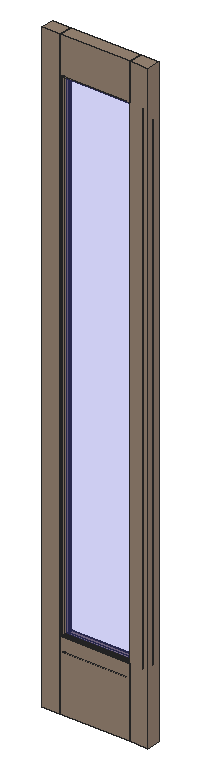
Revit family "Window-Exterior-Simpson-French-Sidelight", category Windows, host Wall, Revit 2012
Parameters (values of type "SEE CATALOG")
  Wood Species Note = "Available in Any Wood Species"
  Wood Species = "http://simpsondoor.com/e-catalog/#10"
  Window Type = French-Full-Sidelight : Panel
  Window Height = 48 1/4"
  WaterBarrier with UltraBlock Technology = no
  WaterBarrier Note = "This Door Comes with The Option of WaterBarrier with UltraBlock Technology. It is Turn Off as a Default"
  Upper Muntin Offset = 6 1/8"
  UltraBlock Option = yes
  UltraBlock Note = "This Door Comes with The Option of UltraBlock Technology. It is Turn On as a Default"
  URL = "http://www.simpsondoor.com/"
  Top Rail Height = 4 15/16"
  Top Panel = Glass - Simpson Doors - Clear
  Thickness = 1 3/4"
  Rough Width = 0"
  Rough Height = 0"
  Product Page URL = "http://www.simpsondoor.com/door-products/search/results/?seriesID=30"
  Product Documentation Link = "http://www.simpsondoor.com/door-products/search/detail/?BaseSpecificationID=603"
  Panel Stile Width = 2 13/32"
  Panel = Wood - Simpson Doors - Douglas Fir
  Ovolo Construction = yes
  Number of Horizontal Muntins = 0
  Muntin Width = 1 3/4"
  Model = "7701"
  Middle Rail Height = 2 3/4"
  Manufacturer = "Simpson Door Company"  # constant formula
  Innerbond Double Hip-Raised Panel = no
  Horizontal Outside Upper = no
  Horizontal Outside Lower = no
  Height = 80 1/2"
  Glass Thickness = 3/4"
  Glass Options = "http://simpsondoor.com/e-catalog/#12"
  Glass = Glass - Simpson Doors - Clear
  Exterior Setback [instance] = 1"
  Description = "Exterior French - One Lite - Sidelight"
  Default Sill Height = 0"  # constant formula
  Wall Closure = (empty or 0)
  Width = 14"
  Construction Type = ""
  Bottom Rail Height = 9 3/16"
  Bottom Panel Height = 15 3/8"
  Assembly Code = "B2020100"
Values of the unnamed type that differ from the named types
  Wall Closure = By host
Reference planes (in)
  plane 1 "Center (Front/Back)": y = 0
  plane 2: z = 0
  plane 3 "Center (Left/Right)": x = 0
  plane 4 "Left": x = -7
  plane 5 "Right": x = 7
  plane 6 "Sill": z = 0
  plane 7 "Top": z = 80.5
  plane 8: y = 2
Lines and regions (in)
  Opening 1
    outline origin (-60, -3, 0) x (1, 0, 0) y (0, 0, 1)
      loop
        line (53, 80.5) -> (53, 0) -> (67, 0) -> (67, 80.5) -> (53, 80.5)
Text (in)
  text "EXTERIOR" at (-58.6888, 50.90694, 0), in view "Ref. Level"
  text "INTERIOR" at (-58.6888, -37.76638, 0), in view "Ref. Level"
  text "Exterior" at (0, 43.65631, 123.19604), in view "Left"
  text "Exterior" at (0, 18.29385, 125.04747), in view "Right"
Dimensions and locks (in)
  equal spacing: plane 4 "Left", plane 3 "Center (Left/Right)", plane 5 "Right"
  "Width": plane 4 "Left" to plane 5 "Right"
  "Height": plane 6 "Sill" to plane 7 "Top"
  "Default Sill Height": plane 2 to plane 6 "Sill"
  "Exterior Setback": host wall to plane 8
  aligned and locked: plane 7 "Top" to Opening 1 sketch curve
  aligned and locked: plane 6 "Sill" to Opening 1 sketch curve  (x2)
  aligned and locked: plane 5 "Right" to Opening 1 sketch curve
  aligned and locked: plane 4 "Left" to Opening 1 sketch curve
  aligned and locked: level to plane 2
  aligned and locked: plane 3 "Center (Left/Right)" to nested 1
  aligned and locked: nested 1 to plane 6 "Sill"
Nested families (in)
  nested 1: "French-Full-Sidelight" at (0.0625, 1.125, 0), type <- "Window Type", type "Panel"
    with Upper Muntin Offset 6 1/8", Horizontal Outside Upper no, Horizontal Outside Lower no, Actual Number of Horizontal Muntins 2, # of Horizontal Muntins 0
Definition of nested family "French-Full-Sidelight"
  Parameters (values of type "Panel")
    Width = 14"
    Upper Muntin Offset = 11 7/8"
    Middle Rail = 2 3/4"
    Window Height = 66 3/8"
    Thickness = 1 3/4"
    Panel Width = Width - (Panel Stile Width * 2)  # 9 3/16"
    Panel Thickness = 3/4"
    Top Rail Height = 4 15/16"
    Shaker = not(Ovolo)  # no
    Panel Stile Width = 2 13/32"
    Muntin Width = 1 3/4"
    Horizontal Outside Upper = yes
    Horizontal Outside Lower = yes
    Height = 80 1/2"
    Door Panel Material = Wood - Simpson Doors - Douglas Fir
    Ovolo = yes
    Glass Material = Glass - Simpson Doors - Clear
    Construction Type = ""
    Calculated Window Height = Height - Top Rail Height - Bottom Rail Height  # 66 3/8"
    Bottom Rail Height = 9 3/16"
    Actual Number of Horizontal Muntins = # of Horizontal Muntins + 2  # 3
    # of Horizontal Muntins = 1
  Reference planes (in)
    plane 1 "Center (Front/Back)": y = 0
    plane 2 "Bottom": z = 0
    plane 3 "Center (Left/Right)": x = -0.0625
    plane 4 "Left": x = -7.0625
    plane 5: y = 0.875
    plane 6 "Right": x = 6.9375
    plane 7: y = -0.875
    plane 8 "Top": z = 80.5
    plane 9: x = 4.53125
    plane 10: x = -4.65625
    plane 11: z = 75.5625
    plane 12: y = -0.375
    plane 13: y = 0.375
    plane 14: z = 9.1875
    plane 15: z = 42.375
    plane 16: z = 63.6875
    plane 17: x = -5.78125
    plane 18: x = -2.53125
    plane 19: x = 5.65625
    plane 20: x = 2.40625
    plane 21: z = 7.4375
    plane 22: z = 3.4375
    plane 23: z = 77.3125
    plane 24: z = 15.3125
  Forms (in)
    Extrusion 1, solid, material "Wood - Simpson Doors - Douglas Fir" <- "Door Panel Material"
      sketch origin (0, 0, 0) x (1, 0, 0) y (0, 0, 1)
        loop
          line (-7.0625, 80.5) -> (-7.0625, 0) -> (-4.65625, 0) -> (-4.65625, 80.5) -> (-7.0625, 80.5)
        loop
          line (6.9375, 80.5) -> (4.53125, 80.5) -> (4.53125, 0) -> (6.9375, 0) -> (6.9375, 80.5)
      from -0.875 to 0.875
    Extrusion 2, solid, material "Glass - Simpson Doors - Clear" <- "Glass Material"
      sketch origin (0, -0.875, 0) x (1, 0, 0) y (0, 0, 1)
        loop
          line (-4.65625, 75.5625) -> (-4.65625, 9.1875) -> (4.53125, 9.1875) -> (4.53125, 75.5625) -> (-4.65625, 75.5625)
      from -1.25 to -0.5
    Extrusion 3, solid, material "Wood - Simpson Doors - Douglas Fir" <- "Door Panel Material"
      sketch origin (0, 0, 0) x (1, 0, 0) y (0, 0, 1)
        loop
          line (-4.65625, 80.5) -> (-4.65625, 75.5625) -> (4.53125, 75.5625) -> (4.53125, 80.5) -> (-4.65625, 80.5)
        loop
          line (-4.65625, 0) -> (4.53125, 0) -> (4.53125, 9.1875) -> (-4.65625, 9.1875) -> (-4.65625, 0)
      from -0.875 to 0.875
  Lines and regions (in)
    Masking region 1
      outline origin (0, 0, 0) x (1, 0, 0) y (0, 1, 0)
        loop
          line (-7.0625, 0.875) -> (-7.0625, -0.875) -> (6.9375, -0.875) -> (6.9375, 0.875) -> (-7.0625, 0.875)
    symbolic lines
      curve 1: line (-4.65625, 0.875, 0) -> (-4.65625, -0.875, 0)
      curve 2: line (4.53125, 0.875, 0) -> (4.53125, -0.875, 0)
    symbolic lines, detail levels coarse
      curve 3: line (-4.65625, 0, 0) -> (4.53125, 0, 0)
    symbolic lines, detail levels medium+fine
      curve 4: line (-4.65625, 0.375, 0) -> (4.53125, 0.375, 0)
      curve 5: line (-4.65625, -0.375, 0) -> (4.53125, -0.375, 0)
  Dimensions and locks (in)
    equal spacing: plane 5, plane 1 "Center (Front/Back)", plane 7
    "Thickness": plane 5 to plane 7
    "Height": plane 8 "Top" to level
    "Top Rail Height": plane 8 "Top" to plane 11
    equal spacing: plane 13, plane 1 "Center (Front/Back)", plane 12
    "Panel Thickness": plane 13 to plane 12
    "Bottom Rail Height": plane 14 to plane 2 "Bottom"
    equal spacing: plane 6 "Right", plane 3 "Center (Left/Right)", plane 4 "Left"
    "Width": plane 6 "Right" to plane 4 "Left"
    equal spacing: plane 9, plane 3 "Center (Left/Right)", plane 10
    "Panel Stile Width": plane 10 to plane 4 "Left"
    equal spacing: plane 11, plane 15, plane 14
    "Upper Muntin Offset": plane 11 to plane 16
    equal spacing: group 1, group 3, group 2  (x2)
    equal spacing: group 2, group 3, group 1
    plane 18 to plane 10 to plane 17 = 2 1/8" locked, 1 1/8" locked
    plane 20 to plane 9 to plane 19 = 2 1/8" locked, 1 1/8" locked
    plane 14 to plane 21 to plane 22 = 1 3/4" locked, 4" locked
    locked: plane 23 to plane 11 at 1.75
    locked: plane 24 to plane 14 at 6.125
    level to Extrusion 3 = 80 1/2"
    aligned and locked: plane 2 "Bottom" to level
    aligned and locked: Extrusion 1 sketch curve to plane 4 "Left"
    aligned and locked: Extrusion 1 sketch curve to plane 6 "Right"
    aligned and locked: Extrusion 1 sketch curve to level  (x2)
    aligned and locked: Extrusion 1 sketch curve to plane 8 "Top"  (x2)
    aligned and locked: plane 5 to Extrusion 1
    aligned and locked: Extrusion 1 to plane 7
    aligned and locked: Extrusion 1 to plane 9
    aligned and locked: Extrusion 2 sketch curve to plane 11
    aligned and locked: Extrusion 2 sketch curve to plane 9
    aligned and locked: Extrusion 2 sketch curve to plane 10
    aligned and locked: Extrusion 2 to plane 13
    aligned and locked: Extrusion 2 to plane 12
    aligned and locked: nested 1 to plane 15
    aligned and locked: plane 10 to nested 1
    aligned and locked: nested 2 to plane 15
    aligned and locked: nested 2 to plane 9
    aligned and locked: plane 3 "Center (Left/Right)" to nested 3
    aligned and locked: plane 16 to nested 3
    aligned and locked: nested 4 to plane 11
    aligned and locked: plane 3 "Center (Left/Right)" to nested 4
    aligned and locked: plane 3 "Center (Left/Right)" to nested 5
    aligned and locked: nested 6 to plane 24
    aligned and locked: Masking region 1 sketch curve to plane 4 "Left"
    aligned and locked: Masking region 1 sketch curve to plane 5
    aligned and locked: Masking region 1 sketch curve to plane 7
    aligned and locked: Masking region 1 sketch curve to plane 6 "Right"
    aligned and locked: plane 5 to curve 1
    aligned and locked: plane 10 to Extrusion 1
    aligned and locked: curve 2 to plane 9
    aligned and locked: Masking region 1 to plane 7
    aligned and locked: curve 5 to plane 12
    aligned and locked: plane 13 to curve 4
    aligned and locked: plane 9 to curve 4
    aligned and locked: plane 10 to curve 3
    aligned and locked: plane 5 to curve 2
    aligned and locked: plane 7 to curve 2
    aligned and locked: plane 7 to curve 1
    aligned and locked: curve 1 to plane 10
    aligned and locked: plane 1 "Center (Front/Back)" to curve 3
    aligned and locked: plane 14 to nested 5
    aligned and locked: Extrusion 2 to plane 14
    aligned and locked: Extrusion 3 sketch curve to plane 8 "Top"
    aligned and locked: Extrusion 3 sketch curve to plane 11
    aligned and locked: Extrusion 3 sketch curve to plane 10  (x2)
    aligned and locked: Extrusion 3 sketch curve to plane 9  (x2)
    aligned and locked: Extrusion 3 sketch curve to level
    aligned and locked: plane 5 to Extrusion 3
    aligned and locked: Extrusion 3 to plane 7
    aligned and locked: Extrusion 3 sketch curve to plane 14
  Automatic sketch dimensions
    Extrusion 1 sketch curve to plane 10 = 0"
    Extrusion 1 sketch curve to plane 9 = 0"
    Extrusion 2 sketch curve to Extrusion 1 = 9 3/16"
  Nested families (in)
    nested 1: "Muntin" at (-5.53125, -0.375, 42.375) x (1, 0, 0) z (0, -1, 0), type "Vertical"
      with Muntin Length 66 3/8"
    nested 2: "Muntin" at (5.40625, -0.375, 42.375) x (1, 0, 0) z (0, -1, 0), type "Vertical"
      with Muntin Length 66 3/8"
    nested 3: "Muntin" at (-0.0625, -0.375, 63.6875) x (0, 0, 1) z (0, -1, 0), visible <- "Horizontal Outside Upper", type "Horizontal"
      with Muntin Length 9 3/16"
    nested 4: "Muntin" at (-0.0625, -0.375, 76.4375) x (0, 0, 1) z (0, -1, 0), type "Horizontal"
      with Muntin Length 9 3/16"
    nested 5: "Muntin" at (-0.0625, -0.375, 8.3125) x (0, 0, 1) z (0, -1, 0), type "Horizontal"
      with Muntin Length 9 3/16"
    nested 6: "Muntin" at (-0.0625, -0.375, 15.3125) x (0, 0, -1) z (0, -1, 0), visible <- "Horizontal Outside Lower", type "Horizontal"
      with Muntin Length 9 3/16"
    nested 7: "Muntin" at (-0.0625, -0.375, 42.375) x (0, 0, 1) z (0, -1, 0), type "Horizontal"
      with Muntin Length 9 3/16"
  Definition of nested family "Muntin"
    Parameters (values of type "Vertical")
      Shaker = not(Ovolo)  # no
      Ovolo = yes
      Muntin Width = 1 3/4"
      Muntin Thickness = 29/64"
      Muntin Material = Wood - Simpson Doors - Douglas Fir
      Muntin Length = 66 7/8"
      Glass Thickness = 3/4"
      Default Elevation = 48"
    Types (2): name | Muntin Length
      Horizontal | 8 13/16"
      Vertical | 66 7/8"
    Reference planes (in)
      plane 1 "Center (Front/Back)": y = 0
      plane 2: z = 0
      plane 3 "Center (Left/Right)": x = 0
      plane 4: z = -0.75
      plane 5: y = 33.4375
      plane 6: y = -33.4375
      plane 7: x = 1.15625
      plane 8: x = -1.15625
      plane 9: x = -0.875
      plane 10: x = 0.875
      plane 11: z = 0.11903
      plane 12: z = 0.34
      plane 13: z = -0.375
      plane 14: z = -0.86903
      plane 15: z = -1.09
    Forms (in)
      Extrusion 1, solid
        sketch origin (0, 0, 0) x (1, 0, 0) y (0, 1, 0)
          loop
            line (-16, 48) -> (-16, -48) -> (10.231, -48) -> (10.231, 48) -> (-16, 48)
        from 0 to -1.88542
      Extrusion 2, solid, material "Wood - Simpson Doors - Douglas Fir" <- "Muntin Material", visible <- "Shaker", detail levels medium+fine
        sketch origin (0, 0, 0) x (1, 0, 0) y (0, 0, 1)
          loop
            line (-0.875, 0.45312) -> (-0.875, 0) -> (0.875, 0) -> (0.875, 0.45312) -> (-0.875, 0.45312)
          loop
            line (-0.875, -0.75) -> (-0.875, -1.20312) -> (0.875, -1.20312) -> (0.875, -0.75) -> (-0.875, -0.75)
        from -33.4375 to 33.4375
      Extrusion 3, solid, material "Wood - Simpson Doors - Douglas Fir" <- "Muntin Material", visible <- "Ovolo", detail levels medium+fine
        sketch origin (0, 0, 0) x (1, 0, 0) y (0, 0, 1)
          loop
            line (-0.875, 0.45312) -> (-0.875, 0.33875) -> (-0.9582, 0.32408)
            arc (-0.9582, 0.32408) -> (-1.01154, 0.29631) -> (-1.03931, 0.24296) r 0.1
            line (-1.03931, 0.24296) -> (-1.06139, 0.11778) -> (-1.11306, 0.11451)
            arc (-1.11306, 0.11451) -> (-1.13071, 0.10674) -> (-1.13999, 0.08983) r 0.03
            line (-1.13999, 0.08983) -> (-1.15583, 0) -> (1.15583, 0) -> (1.13999, 0.08983)
            arc (1.13999, 0.08983) -> (1.13071, 0.10674) -> (1.11306, 0.11451) r 0.03
            line (1.11306, 0.11451) -> (1.06139, 0.11903) -> (1.03931, 0.24421)
            arc (1.03931, 0.24421) -> (1.01154, 0.29756) -> (0.9582, 0.32533) r 0.1
            line (0.9582, 0.32533) -> (0.875, 0.34) -> (0.875, 0.45312) -> (-0.875, 0.45312)
          loop
            line (-0.875, -1.20312) -> (0.875, -1.20312) -> (0.875, -1.09) -> (0.9582, -1.07533)
            arc (0.9582, -1.07533) -> (1.01154, -1.04756) -> (1.03931, -0.99421) r 0.1
            line (1.03931, -0.99421) -> (1.06139, -0.86903) -> (1.11306, -0.86451)
            arc (1.11306, -0.86451) -> (1.13071, -0.85674) -> (1.13999, -0.83983) r 0.03
            line (1.13999, -0.83983) -> (1.15583, -0.75) -> (-1.15583, -0.75) -> (-1.13999, -0.83983)
            arc (-1.13999, -0.83983) -> (-1.13071, -0.85674) -> (-1.11306, -0.86451) r 0.03
            line (-1.11306, -0.86451) -> (-1.06139, -0.86778) -> (-1.03931, -0.99296)
            arc (-1.03931, -0.99296) -> (-1.01154, -1.04631) -> (-0.9582, -1.07408) r 0.1
            line (-0.9582, -1.07408) -> (-0.875, -1.08875) -> (-0.875, -1.20312)
        from -33.4375 to 33.4375
    Lines and regions (in)
      model lines, style "GenericModel", detail levels coarse
        curve 1: line (0, 33.4375, 0.45313) -> (0, -33.4375, 0.45312)
      model lines, detail levels coarse
        curve 2: line (0, 33.4375, -1.20312) -> (0, -33.4375, -1.20312)
    Dimensions and locks (in)
      "Glass Thickness": level to plane 4
      equal spacing: Extrusion 2 sketch curve, plane 3 "Center (Left/Right)", Extrusion 2 sketch curve
      "Muntin Width": Extrusion 2 sketch curve to Extrusion 2 sketch curve
      "Muntin Thickness": Extrusion 2 sketch curve to level
      "Muntin Thickness": plane 4 to Extrusion 2 sketch curve
      equal spacing: plane 5, plane 1 "Center (Front/Back)", plane 6
      "Muntin Length": plane 5 to plane 6
      "Muntin Thickness": Extrusion 3 sketch curve to plane 2
      plane 12 to plane 11 to plane 2 = 0.22097" locked, 0.11903" locked
      equal spacing: plane 2, plane 13, plane 4
      locked: plane 15 to plane 14 at 0.22097
      plane 4 to Extrusion 3 sketch curve to Extrusion 3 sketch curve = 0.11778" locked, 0.22097" locked
      "Muntin Thickness": plane 4 to Extrusion 3 sketch curve
      locked: plane 10 to plane 7 at 0.28125
      locked: plane 8 to plane 9 at 0.28125
      equal spacing: plane 9, plane 3 "Center (Left/Right)", plane 10
      "Muntin Width": plane 10 to plane 9
      aligned and locked: plane 2 to Extrusion 1
      aligned and locked: level to Extrusion 1
      aligned and locked: Extrusion 2 sketch curve to Extrusion 2 sketch curve  (x2)
      aligned and locked: plane 5 to Extrusion 2
      aligned and locked: Extrusion 2 to plane 6
      aligned and locked: plane 2 to Extrusion 3 sketch curve
      aligned and locked: plane 5 to Extrusion 3
      aligned and locked: Extrusion 3 to plane 6
      aligned and locked: plane 9 to Extrusion 3
      aligned and locked: plane 10 to Extrusion 3
      aligned and locked: plane 12 to Extrusion 3 sketch curve
      aligned and locked: plane 11 to Extrusion 3 sketch curve
      aligned and locked: plane 4 to Extrusion 3 sketch curve
      aligned and locked: plane 15 to Extrusion 3 sketch curve
      aligned and locked: plane 14 to Extrusion 3 sketch curve
      aligned and locked: plane 6 to curve 1
      aligned and locked: curve 1 to plane 3 "Center (Left/Right)"
      aligned and locked: plane 5 to curve 1
      aligned and locked: curve 2 to plane 3 "Center (Left/Right)"
      aligned and locked: plane 6 to curve 2
      aligned and locked: plane 5 to curve 2
    Automatic sketch dimensions
      Extrusion 1 sketch curve to Extrusion 1 sketch curve = 26.231"
      Extrusion 1 sketch curve to Extrusion 1 sketch curve = 96"
      Extrusion 2 sketch curve to plane 4 = 0"
      Extrusion 2 sketch curve to level = 0"
      Extrusion 3 sketch curve to plane 9 = 0"  (x2)
      plane 10 to Extrusion 3 sketch curve = 0"  (x2)
      Extrusion 3 sketch curve to plane 9 = 0.06583"  (x2)
      Extrusion 3 sketch curve to plane 12 = 0.01592"
      Extrusion 3 sketch curve to plane 9 = 0.0832"  (x2)
      Extrusion 3 sketch curve to plane 15 = 0.01592"
      Extrusion 3 sketch curve to Extrusion 3 sketch curve = 0.09848"  (x5)
      Extrusion 3 sketch curve to plane 11 = 0.00125"
      plane 8 to Extrusion 3 sketch curve = 0.09486"  (x2)
      plane 8 to Extrusion 3 sketch curve = 0.0458"  (x2)
      Extrusion 3 sketch curve to plane 14 = 0.00452"  (x2)
      Extrusion 3 sketch curve to Extrusion 3 sketch curve = 0.00261"  (x4)
      Extrusion 3 sketch curve to plane 11 = 0.00452"  (x2)
      plane 8 to Extrusion 3 sketch curve = 0.01626"  (x2)
      plane 8 to Extrusion 3 sketch curve = 0.00042"  (x2)
      Extrusion 3 sketch curve to plane 10 = 0.06583"  (x2)
      Extrusion 3 sketch curve to plane 12 = 0.01467"
      Extrusion 3 sketch curve to plane 10 = 0.0832"  (x2)
      Extrusion 3 sketch curve to plane 15 = 0.01467"
      Extrusion 3 sketch curve to plane 12 = 0.09579"
      plane 7 to Extrusion 3 sketch curve = 0.09486"  (x2)
      plane 7 to Extrusion 3 sketch curve = 0.0458"  (x2)
      plane 7 to Extrusion 3 sketch curve = 0.01626"  (x2)
      plane 7 to Extrusion 3 sketch curve = 0.00042"  (x2)
      Extrusion 3 sketch curve to Extrusion 3 sketch curve = 0.08112"  (x2)
      Extrusion 3 sketch curve to plane 14 = 0.0292"  (x2)
      Extrusion 3 sketch curve to Extrusion 3 sketch curve = 0.02989"  (x2)
      Extrusion 3 sketch curve to plane 12 = 0.00125"
